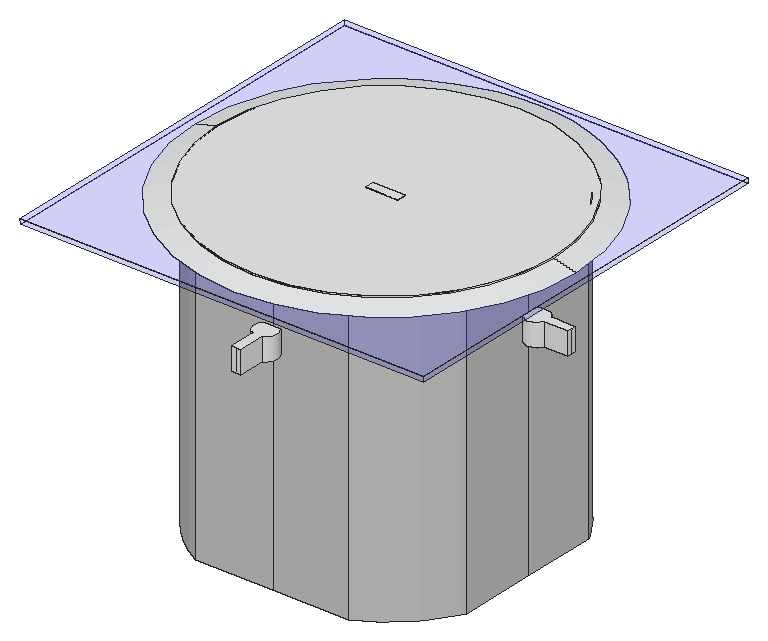
Revit family "AD-C.SUB", category Communication Devices, host Face, Revit 2015
Parameters
  Width = 340 mm
  White plastic = White Powder Coated Finish
  Weight Product (lb) = 19.2
  Weight Product (kg) = 8.7
  URL = "https://www.qsc.com/systems/products/loudspeakers/small-format-subsat/acousticdesign-series-subsat-loudspeakers/ad-c-sub/"
  Sensitivity = 86
  SPL Max = 106
  Regulatory Compliance = "UL1480, UL2043, NFPA90, NFPA70 suitable for use in air handling spaces. Transformer UL registered per UL1876, ROHS, CE compliant. \nBaffle meets UL94-V0 and UL94-5VB flamibility rating; in accordance with IEC60849 / EN60849 systems"
  Product Page URL = "https://www.qsc.com/systems/products/loudspeakers/small-format-subsat/acousticdesign-series-subsat-loudspeakers/ad-c-sub/"
  Product Documentation Link = "https://www.qsc.com/resource-files/productresources/spk/ad/ad-c.sub/q_spk_ad-c_sub_specs.pdf"
  Model = "AD-C.SUB"
  Impedance = 4
  Dim1 = 150 mm
  dim2 = 17 mm
  Manufacturer URL = "www.qsc.com"
  Manufacturer = "QSC"
  Logo Material [instance] = White Powder Coated Finish
  dim3 = 150 mm
  dim4 = 170 mm
  Grille Material [instance] = White Powder Coated Mesh
  dim5 = 5 mm
  dim6 = 144 mm
  dim7 = 155 mm
  Description = "6.5 inch dual voice-coil, small format ceiling subwoofer"
  Depth = 254 mm
  Default Elevation = 0 mm
  Coverage Vertical = 360.00°
  Coverage Horizontal = 360.00°
  70V Taps = "12.5, 25, 50, 100"
  100V Taps = "25, 50, 100"
Reference planes
  plane 1 "Center (Front/Back)": y = 0
  plane 2: z = 0
  plane 3 "Center (Left/Right)": x = 0
  plane 4 "Grill Extent": z = 5
  plane 5 "Enclosure Extent": z = -258
  plane 6 "Middle Extent": z = -103
  plane 7: z = -78.4
  plane 8: z = -46
Forms (mm)
  Extrusion 1, solid, material "Glass"
    sketch origin (14.7, -39.7, 0) x (1, 0, 0) y (0, 1, 0)
      loop
        line (-195.341, 219.986) -> (-195.341, -142.801) -> (164.828, -142.801) -> (164.828, 219.986) -> (-195.341, 219.986)
    from 0 to -5
  Extrusion 2, solid, material "Steel"
    sketch origin (0, 0, -155.125) x (0, 1, 0) y (-1, 0, 0)
      loop
        circle (0, 0) r 144
    from -102.875 to 155 <- "dim7"
  Blend 3, solid, material "White Powder Coated Finish" <- "White plastic"
    base sketch origin (0, 0, 0) x (1, 0, 0) y (0, 1, 0)
      loop
        circle (0, 0) r 170
    top sketch origin (0, 0, 0) x (1, 0, 0) y (0, 1, 0)
      loop
        circle (0, 0) r 150
    from 0 to 5 <- "dim5"
  Extrusion 4, solid, material "White Powder Coated Finish" <- "Logo Material"
    sketch origin (-182.677, -24.318, 5) x (0, 1, 0) y (-1, 0, 0)
      loop
        arc (28.268, -168.392) -> (28.119, -168.033) -> (27.76, -167.884) r 0.508
        line (27.76, -167.884) -> (20.111, -167.884)
        arc (20.111, -167.884) -> (19.752, -168.033) -> (19.603, -168.392) r 0.508
        line (19.603, -168.392) -> (19.603, -196.527)
        arc (19.603, -196.527) -> (19.752, -196.887) -> (20.111, -197.035) r 0.508
        line (20.111, -197.035) -> (27.76, -197.035)
        arc (27.76, -197.035) -> (28.119, -196.887) -> (28.268, -196.527) r 0.508
        line (28.268, -196.527) -> (28.268, -168.392)
    from 0 to 0.794
  Extrusion 5, solid, material "White Powder Coated Finish" <- "White plastic"
    sketch origin (0, 0, -103) x (0, 1, 0) y (-1, 0, 0)
      loop
        arc (-4.736, 144.749) -> (-0.055, 125.103) -> (3.53, 144.978) r 10.317
        line (3.53, 144.978) -> (3.53, 166.108) -> (0, 166.108) -> (-4.736, 166.108) -> (-4.736, 144.749)
      loop
        line (144.067, -4.736) -> (169.003, -4.736) -> (169.003, 0) -> (169.003, 3.53) -> (144.296, 3.53)
        arc (144.296, 3.53) -> (124.42, -0.055) -> (144.067, -4.736) r 10.317
      loop
        arc (-144.067, -4.736) -> (-124.42, -0.055) -> (-144.296, 3.53) r 10.317
        line (-144.296, 3.53) -> (-167.865, 3.53) -> (-167.865, 0) -> (-167.865, -4.736) -> (-144.067, -4.736)
      loop
        line (-4.736, -144.749) -> (-4.736, -166.108) -> (0, -166.108) -> (3.53, -166.108) -> (3.53, -144.978)
        arc (3.53, -144.978) -> (-0.055, -125.103) -> (-4.736, -144.749) r 10.317
    from 57 to 37.091
  Extrusion 6, void
    sketch origin (0, 0, -172) x (0, 1, 0) y (-1, 0, 0)
      loop
        circle (0, 0) r 150
    from 172 to 177
  Extrusion 7, solid, material "White Powder Coated Mesh" <- "Grille Material"
    sketch origin (0, 0, -17) x (0, 1, 0) y (-1, 0, 0)
      loop
        circle (0, 0) r 150
    from 22.794 to 17 <- "dim2"
  Extrusion 8, void
    sketch origin (0, 0, -258) x (0, 1, 0) y (-1, 0, 0)
      loop
        line (127, -127) -> (127, 0) -> (127, 127) -> (0, 127) -> (-126.873, 127) -> (-126.873, 0) -> (-126.873, -127) -> (0, -127) -> (127, -127)
      loop
        line (206.106, 230.632) -> (-203.894, 230.632) -> (-203.894, -179.368) -> (206.106, -179.368) -> (206.106, 230.632)
    from 0 to 253.174
  Extrusion 9, solid, material "Black Finish"
    sketch origin (0, 0, -18.352) x (0, 1, 0) y (-1, 0, 0)
      loop
        circle (0, 0) r 150
    from 18.725 to 17 <- "dim2"
Cuts and joins
  Extrusion 6, Extrusion 8 cuts Extrusion 2
  Extrusion 6 cuts Extrusion 5
  Extrusion 6 cuts Blend 3
Lines and regions (mm)
  model lines
    curve 1: line (1.937, -1.546, 5.794) -> (-0.28, 1.374, 5.794)
    curve 2: line (-0.28, 1.374, 5.794) -> (1.937, -1.546, 5.794)
    curve 3: line (-8.315, -1.182, 5.794) -> (-7.478, 1.831, 5.794)
    curve 4: line (-7.478, 1.831, 5.794) -> (-8.315, -1.182, 5.794)
    curve 5: line (-6.916, -3.176, 5.794) -> (-7.541, 2.398, 5.794)
    curve 6: line (-7.541, 2.398, 5.794) -> (-6.916, -3.176, 5.794)
    curve 7: line (4.904, 0.724, 5.794) -> (6.881, -0.728, 5.794)
    curve 8: line (6.881, -0.728, 5.794) -> (4.904, 0.724, 5.794)
Dimensions and locks
  "dim5": plane 4 "Grill Extent" to plane 2
  "dim7": plane 5 "Enclosure Extent" to plane 6 "Middle Extent"
  "dim6": radius of Extrusion 2 sketch curve
  "dim4": radius of Blend 3 sketch curve
  "dim3": radius of Blend 3 sketch curve
  "Dim1": radius of Extrusion 7 sketch curve
  "Dim1": radius of Extrusion 9 sketch curve
  aligned and locked: plane 2 to Extrusion 1
  aligned and locked: Blend 3 to plane 2
Automatic sketch dimensions
  Extrusion 1 sketch curve to Extrusion 1 sketch curve = 360.17 mm
  Extrusion 1 sketch curve to Extrusion 1 sketch curve = 362.786 mm
  plane 1 "Center (Front/Back)" to Extrusion 2 sketch curve = 0 mm
  Extrusion 2 sketch curve to plane 3 "Center (Left/Right)" = 0 mm
  plane 1 "Center (Front/Back)" to Blend 3 sketch curve = 0 mm  (x2)
  Blend 3 sketch curve to plane 3 "Center (Left/Right)" = 0 mm  (x2)
  plane 1 "Center (Front/Back)" to Extrusion 4 sketch curve = 4.714 mm
  Extrusion 4 sketch curve to Extrusion 4 sketch curve = 0.508 mm  (x3)
  Extrusion 4 sketch curve to plane 1 "Center (Front/Back)" = 3.442 mm  (x2)
  plane 3 "Center (Left/Right)" to Extrusion 4 sketch curve = 14.359 mm
  Extrusion 4 sketch curve to plane 3 "Center (Left/Right)" = 14.285 mm
  curve 6 to Extrusion 4 = 1.538 mm
  curve 8 to Extrusion 4 = 7.478 mm
  curve 5 to curve 6 = 0 mm  (x3)
  curve 1 to Extrusion 4 = 3.168 mm
  curve 2 to curve 1 = 0 mm  (x3)
  curve 5 to curve 4 = 1.994 mm
  curve 3 to curve 4 = 0 mm  (x3)
  curve 7 to Extrusion 4 = 3.986 mm
  curve 8 to curve 7 = 0 mm  (x3)
  curve 7 to curve 7 = 1.452 mm
  curve 1 to Extrusion 4 = 2.576 mm
  curve 4 to Extrusion 4 = 2.12 mm
  curve 3 to curve 6 = 0.568 mm
  curve 7 to curve 8 = 0 mm
  curve 7 to curve 7 = 1.976 mm
  curve 8 to curve 2 = 2.968 mm
  curve 1 to curve 2 = 0 mm
  curve 1 to curve 1 = 2.216 mm
  curve 6 to Extrusion 4 = 7.876 mm
  curve 5 to curve 4 = 0.561 mm
  curve 6 to curve 5 = 0 mm
  curve 5 to curve 4 = 1.399 mm
  Extrusion 5 sketch curve to plane 3 "Center (Left/Right)" = 0 mm  (x2)
  plane 1 "Center (Front/Back)" to Extrusion 5 sketch curve = 0 mm  (x2)
  plane 1 "Center (Front/Back)" to Extrusion 5 sketch curve = 0.341 mm  (x2)
  plane 1 "Center (Front/Back)" to Extrusion 5 sketch curve = 4.736 mm
  Extrusion 5 sketch curve to Extrusion 5 sketch curve = 4.736 mm
  plane 3 "Center (Left/Right)" to Extrusion 5 sketch curve = 0.341 mm  (x2)
  plane 1 "Center (Front/Back)" to Extrusion 5 sketch curve = 134.733 mm
  plane 3 "Center (Left/Right)" to Extrusion 5 sketch curve = 4.736 mm  (x2)
  Extrusion 5 sketch curve to Extrusion 5 sketch curve = 9.334 mm  (x4)
  Extrusion 5 sketch curve to plane 3 "Center (Left/Right)" = 3.53 mm  (x2)
  Extrusion 5 sketch curve to Extrusion 5 sketch curve = 23.569 mm
  Extrusion 5 sketch curve to Extrusion 5 sketch curve = 3.53 mm
  Extrusion 5 sketch curve to plane 1 "Center (Front/Back)" = 3.53 mm
  Extrusion 5 sketch curve to plane 1 "Center (Front/Back)" = 134.733 mm
  Extrusion 5 sketch curve to Extrusion 5 sketch curve = 24.937 mm
  plane 3 "Center (Left/Right)" to Extrusion 5 sketch curve = 135.415 mm
  Extrusion 5 sketch curve to Extrusion 5 sketch curve = 21.13 mm  (x2)
  Extrusion 5 sketch curve to plane 3 "Center (Left/Right)" = 135.415 mm
  plane 1 "Center (Front/Back)" to Extrusion 6 sketch curve = 0 mm
  Extrusion 6 sketch curve to plane 3 "Center (Left/Right)" = 0 mm
  plane 1 "Center (Front/Back)" to Extrusion 7 sketch curve = 0 mm
  Extrusion 7 sketch curve to plane 3 "Center (Left/Right)" = 0 mm
  Extrusion 8 sketch curve to plane 3 "Center (Left/Right)" = 0 mm  (x2)
  plane 1 "Center (Front/Back)" to Extrusion 8 sketch curve = 0 mm  (x2)
  plane 1 "Center (Front/Back)" to Extrusion 8 sketch curve = 126.873 mm
  Extrusion 8 sketch curve to Extrusion 8 sketch curve = 77.021 mm
  Extrusion 8 sketch curve to Extrusion 8 sketch curve = 127 mm  (x2)
  Extrusion 8 sketch curve to Extrusion 8 sketch curve = 79.106 mm
  Extrusion 8 sketch curve to Extrusion 8 sketch curve = 52.368 mm
  Extrusion 8 sketch curve to plane 3 "Center (Left/Right)" = 127 mm
  Extrusion 8 sketch curve to Extrusion 8 sketch curve = 103.632 mm
  plane 1 "Center (Front/Back)" to Extrusion 9 sketch curve = 0 mm
  Extrusion 9 sketch curve to plane 3 "Center (Left/Right)" = 0 mm
  radius of Extrusion 6 sketch curve = 150 mm
Connectors
  electrical at (0, 0, -258)
    settings: on Extrusion 2, index 2, voltage 0 V, apparent load 0 VA, apparent load phase1 0 VA, apparent load phase2 0 VA, apparent load phase3 0 VA, power factor 1, load classification "Other", number of poles 1, system type 14, power factor state 1, is connector primary yes, connector utility no, sub classification motor no, connector description "Speaker"
